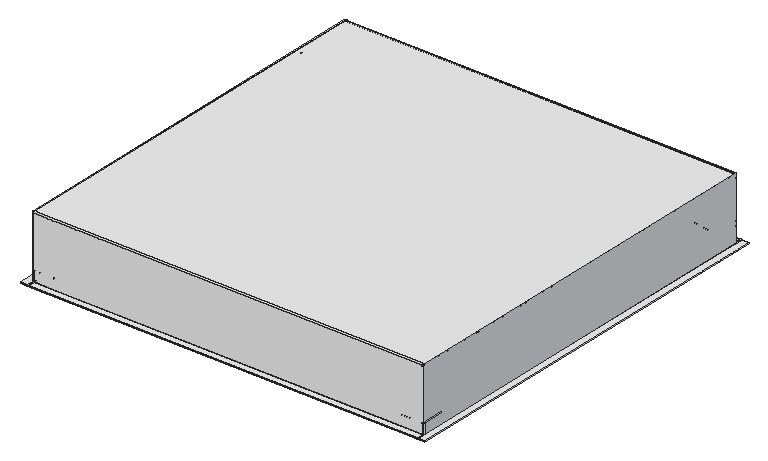
Revit family "CRIG-3558", category Lighting Fixtures, host Ceiling, Revit 2019
Family settings
  Host = Ceiling
  Round Connector Dimension = Use Diameter
  Part Type = Normal
  OmniClass Number = 23.80.70.11
  OmniClass Title = Luminaries for Internal Lighting
  Always vertical = Yes
  Cut with Voids When Loaded = No
  Light Source = Yes
  Shared = No
  Room Calculation Point = No
Parameters (values of type "CRIG-3558-2x2-LED840K52LUNV-P13")
  Width = 1' - 11 3/4"
  Wattage = 48 W
  built-in parameter 1150110 = 1 (stored number, unit not read)
  Voltage = 120 V
  URL = "https://www.viscor.com/en/products/crig-3558"
  built-in parameter 1114217 = 0.9 (stored number, unit not read)
  Tilt Angle = 90.00°
  built-in parameter 1150109 = 1 (stored number, unit not read)
  built-in parameter 1150134 = 12
  built-in parameter 1150113 = 1 (stored number, unit not read)
  Photometric Web File = "CRIG-3558-2x2-LED840K52LUNV-P13.ies"
  Model = "CRIG-3558"  # constant formula
  Manufacturer = "CERTOLUX by VISCOR"  # constant formula
  Lumens = 4992 lm
  built-in parameter 1150115 = 1 (stored number, unit not read)
  built-in parameter 1150105 = 397.25 (stored number, unit not read)
  built-in parameter 1150137 = (empty or 0)
  built-in parameter 1150139 = (empty or 0)
  Lens Finish = Polycarbonate - Viscor - Frosted Flat
  Length = 1' - 11 3/4"
  Lamp Wattage = 48 VA
  built-in parameter 1150112 = 1 (stored number, unit not read)
  built-in parameter 1150114 = 1 (stored number, unit not read)
  Lamp = "LED"  # constant formula
  built-in parameter 1150132 = (empty or 0)
  built-in parameter 1150102 = (empty or 0)
  built-in parameter 1150138 = (empty or 0)
  built-in parameter 1150107 = 4000 (stored number, unit not read)
  built-in parameter 1150106 = 3.9725 (stored number, unit not read)
  Housing Finish = Metal - Viscor - White
  Emit from Rectangle Width = Width  # 1' - 11 3/4"
  Emit from Rectangle Length = Length  # 1' - 11 3/4"
  Emit Shape Visible in Rendering = no
  built-in parameter 1150104 = 9.6619 (stored number, unit not read)
  Dimming Lamp Color Temperature Shift = <None>
  Description = "Recessed Grid Inset Door Cleanroom LED Luminaire"  # constant formula
  Color Filter = 16777215
  built-in parameter 1114218 = 1 (stored number, unit not read)
  built-in parameter 1150133 = 10 (stored number, unit not read)
  Assembly Code = "D5020200"
  Apparent Load = Lamp Wattage  # 48 VA
Types (9): name | Width | Wattage | built-in parameter 1150134 | Photometric Web File | Lumens | built-in parameter 1150105 | Length | Lamp Wattage | built-in parameter 1150107 | built-in parameter 1150106 | Emit from Rectangle Width | Emit from Rectangle Length | built-in parameter 1150104 | Apparent Load
  (no name) | 1' - 11 3/4" | 48 W | 12 | "CRIG-3558-2x2-LED840K52LUNV-P13.ies" | 4992 lm | 397.25 (stored number, unit not read) | 1' - 11 3/4" | 48 VA | 4000 (stored number, unit not read) | 3.9725 (stored number, unit not read) | 1' - 11 3/4" | 1' - 11 3/4" | 9.6619 (stored number, unit not read) | 48 VA
  CRIG-3558-1X4-LED840K52LUNV-P13 | 0' - 11 3/4" | 50 W | 12 | "CRIG-3558-1x4-LED840K52LUNV-P13.ies" | 5200 lm | 413.8 (stored number, unit not read) | 3' - 11 3/4" | 50 VA | 4000 (stored number, unit not read) | 4.138 (stored number, unit not read) | 0' - 11 3/4" | 3' - 11 3/4" | 9.6619 (stored number, unit not read) | 50 VA
  CRIG-3558-2X4-LED840K78LUNV-P13 | 1' - 11 3/4" | 75 W | 12 | "CRIG-3558-2X4-LED840K78LUNV-P13.ies" | 7800 lm | 620.7 (stored number, unit not read) | 3' - 11 3/4" | 75 VA | 4000 (stored number, unit not read) | 6.207 (stored number, unit not read) | 1' - 11 3/4" | 3' - 11 3/4" | 9.6619 (stored number, unit not read) | 75 VA
  CRIG-3558-2X2-LED840K35LUNV-P13 | 1' - 11 3/4" | 32 W | 12 | "CRIG-3558-2x2-LED840K35LUNV-P13.ies" | 3392 lm | 269.93 (stored number, unit not read) | 1' - 11 3/4" | 32 VA | 4000 (stored number, unit not read) | 2.6993 (stored number, unit not read) | 1' - 11 3/4" | 1' - 11 3/4" | 9.8477 (stored number, unit not read) | 32 VA
  CRIG-3558-2X2-LED835K26LUNV-P13 | 1' - 11 3/4" | 27 W | (empty or 0) | "CRIG-3558-2X2-LED835K26LUNV-P13.ies" | 2484 lm | 197.67 (stored number, unit not read) | 1' - 11 3/4" | 27 VA | 3500 (stored number, unit not read) | 1.9767 (stored number, unit not read) | 1' - 11 3/4" | 1' - 11 3/4" | 8.5471 (stored number, unit not read) | 27 VA
  CRIG-3558-2x2-LED840K52LUNV-P13 | 1' - 11 3/4" | 48 W | 12 | "CRIG-3558-2x2-LED840K52LUNV-P13.ies" | 4992 lm | 397.25 (stored number, unit not read) | 1' - 11 3/4" | 48 VA | 4000 (stored number, unit not read) | 3.9725 (stored number, unit not read) | 1' - 11 3/4" | 1' - 11 3/4" | 9.6619 (stored number, unit not read) | 48 VA
  CRIG-3558-2X2-LED840K66LUNV-P56 | 1' - 11 3/4" | 61 W | 12 | "CRIG-3558-2X2-LED840K66LUNV-P56.ies" | 6161 lm | 490.28 (stored number, unit not read) | 1' - 11 3/4" | 61 VA | 4000 (stored number, unit not read) | 4.9028 (stored number, unit not read) | 1' - 11 3/4" | 1' - 11 3/4" | 9.3832 (stored number, unit not read) | 61 VA
  CRIG-3558-2X4-LED840K52LUNV-P13 | 1' - 11 3/4" | 49 W | 12 | "CRIG-3558-2X4-LED840K52LUNV-P13.ies" | 5096 lm | 405.53 (stored number, unit not read) | 3' - 11 3/4" | 49 VA | 4000 (stored number, unit not read) | 4.0553 (stored number, unit not read) | 1' - 11 3/4" | 3' - 11 3/4" | 9.6619 (stored number, unit not read) | 49 VA
  CRIG-3558-2X4-LED840K104LUNV-P82 | 1' - 11 3/4" | 98 W | 12 | "CRIG-3558-2X4-LED840K104LUNV-P82.ies" | 10290 lm | 818.85 (stored number, unit not read) | 3' - 11 3/4" | 98 VA | 4000 (stored number, unit not read) | 8.1885 (stored number, unit not read) | 1' - 11 3/4" | 3' - 11 3/4" | 9.7548 (stored number, unit not read) | 98 VA
Reference planes (in)
  plane 1 "Light Source Axis (F/B)": y = 0
  plane 2 "Ceiling": z = 96
  plane 3 "Light Source Axis (L/R)": x = 0
  plane 4 "Light Source Elevation": z = 95.93
  plane 5 "ExposedFixture": z = 95.97
  plane 6: y = 11.875
  plane 7: x = -11.875
  plane 8: x = 11.875
  plane 9: y = -11.875
  plane 10: y = 11.472
  plane 11: y = -11.472
  plane 12: x = -11.472
  plane 13: x = 11.472
  plane 14: x = -11.44075
  plane 15: x = 11.44075
Forms (in)
  Extrusion 1, solid, material "Metal - Viscor - White" <- "Housing Finish"
    sketch origin (0, 0, 0) x (0, 1, 0) y (0, 0, 1)
      loop
        line (11.4, 99.717) -> (-11.4, 99.717)
        arc (-11.4, 99.717) -> (-11.45303, 99.69503) -> (-11.475, 99.642) r 0.075
        line (-11.475, 99.642) -> (-11.475, 96.03) -> (-11.43984, 96.03) -> (-11.43984, 99.642)
        arc (-11.43984, 99.642) -> (-11.42817, 99.67017) -> (-11.4, 99.68184) r 0.03984
        line (-11.4, 99.68184) -> (11.4, 99.68184)
        arc (11.4, 99.68184) -> (11.42817, 99.67017) -> (11.43984, 99.642) r 0.03984
        line (11.43984, 99.642) -> (11.43984, 96.03) -> (11.475, 96.03) -> (11.475, 99.642)
        arc (11.475, 99.642) -> (11.45303, 99.69503) -> (11.4, 99.717) r 0.075
    from -11.472 to 11.472
  Extrusion 2, solid
    sketch origin (0, 0, 0) x (0, 1, 0) y (0, 0, 1)
      loop
        line (11.4, 99.717) -> (-11.4, 99.717)
        arc (-11.4, 99.717) -> (-11.45303, 99.69503) -> (-11.475, 99.642) r 0.075
        line (-11.475, 99.642) -> (-11.475, 96.03) -> (11.475, 96.03) -> (11.475, 99.642)
        arc (11.475, 99.642) -> (11.45303, 99.69503) -> (11.4, 99.717) r 0.075
    from 11.44075 to 11.472
  Extrusion 3, solid, material "Metal - Viscor - White" <- "Housing Finish"
    sketch origin (0, 0, 0) x (0, 1, 0) y (0, 0, -1)
      loop
        arc (11.4, -99.717) -> (11.45303, -99.69503) -> (11.475, -99.642) r 0.075
        line (11.475, -99.642) -> (11.475, -96.03) -> (-11.475, -96.03) -> (-11.475, -99.642)
        arc (-11.475, -99.642) -> (-11.45303, -99.69503) -> (-11.4, -99.717) r 0.075
        line (-11.4, -99.717) -> (11.4, -99.717)
    from 11.44075 to 11.472
  Extrusion 4, solid, material "Metal - Viscor - White" <- "Housing Finish"
    sketch origin (0, 0, 0) x (0, 1, 0) y (0, 0, 1)
      loop
        line (11.8775, 96.015) -> (11.4715, 96.015)
        arc (11.4715, 96.015) -> (11.44392, 96.02642) -> (11.4325, 96.054) r 0.039
        line (11.4325, 96.054) -> (11.4325, 96.561)
        arc (11.4325, 96.561) -> (11.4079, 96.6204) -> (11.3485, 96.645) r 0.084
        line (11.3485, 96.645) -> (10.2235, 96.645) -> (10.2235, 96.60203) -> (11.3485, 96.60203)
        arc (11.3485, 96.60203) -> (11.37751, 96.59001) -> (11.38953, 96.561) r 0.04103
        line (11.38953, 96.561) -> (11.38953, 96.054)
        arc (11.38953, 96.054) -> (11.41354, 95.99604) -> (11.4715, 95.97203) r 0.08197
        line (11.4715, 95.97203) -> (11.8775, 95.97203) -> (11.8775, 96.015)
    from -11.472 to 11.472
  Extrusion 5, solid, material "Metal - Viscor - White" <- "Housing Finish"
    sketch origin (0, 0, 0) x (0, -1, 0) y (0, 0, -1)
      loop
        line (11.8775, -96.015) -> (11.8775, -95.97203) -> (11.4715, -95.97203)
        arc (11.4715, -95.97203) -> (11.41354, -95.99604) -> (11.38953, -96.054) r 0.08197
        line (11.38953, -96.054) -> (11.38953, -96.561)
        arc (11.38953, -96.561) -> (11.37751, -96.59001) -> (11.3485, -96.60203) r 0.04103
        line (11.3485, -96.60203) -> (10.2235, -96.60203) -> (10.2235, -96.645) -> (11.3485, -96.645)
        arc (11.3485, -96.645) -> (11.4079, -96.6204) -> (11.4325, -96.561) r 0.084
        line (11.4325, -96.561) -> (11.4325, -96.054)
        arc (11.4325, -96.054) -> (11.44392, -96.02642) -> (11.4715, -96.015) r 0.039
        line (11.4715, -96.015) -> (11.8775, -96.015)
    from -11.472 to 11.472
  Extrusion 6, solid, material "Metal - Viscor - White" <- "Housing Finish"
    sketch origin (0, 0, 0) x (1, 0, 0) y (0, 0, 1)
      loop
        arc (-11.469, 95.97195) -> (-11.41104, 95.99596) -> (-11.38703, 96.05392) r 0.08197
        line (-11.38703, 96.05392) -> (-11.38703, 96.56092)
        arc (-11.38703, 96.56092) -> (-11.37501, 96.58994) -> (-11.346, 96.60195) r 0.04103
        line (-11.346, 96.60195) -> (-10.221, 96.60195) -> (-10.221, 96.64492) -> (-11.346, 96.64492)
        arc (-11.346, 96.64492) -> (-11.4054, 96.62032) -> (-11.43, 96.56092) r 0.084
        line (-11.43, 96.56092) -> (-11.43, 96.05392)
        arc (-11.43, 96.05392) -> (-11.44142, 96.02634) -> (-11.469, 96.01492) r 0.039
        line (-11.469, 96.01492) -> (-11.875, 96.01492) -> (-11.875, 95.97195) -> (-11.469, 95.97195)
    from -11.875 to 11.875
  Extrusion 7, solid, material "Metal - Viscor - White" <- "Housing Finish"
    sketch origin (0, 0, 0) x (-1, 0, 0) y (0, 0, -1)
      loop
        line (-11.469, -95.97195) -> (-11.875, -95.97195) -> (-11.875, -96.01492) -> (-11.469, -96.01492)
        arc (-11.469, -96.01492) -> (-11.44142, -96.02634) -> (-11.43, -96.05392) r 0.039
        line (-11.43, -96.05392) -> (-11.43, -96.56092)
        arc (-11.43, -96.56092) -> (-11.4054, -96.62032) -> (-11.346, -96.64492) r 0.084
        line (-11.346, -96.64492) -> (-10.221, -96.64492) -> (-10.221, -96.60195) -> (-11.346, -96.60195)
        arc (-11.346, -96.60195) -> (-11.37501, -96.58994) -> (-11.38703, -96.56092) r 0.04103
        line (-11.38703, -96.56092) -> (-11.38703, -96.05392)
        arc (-11.38703, -96.05392) -> (-11.41104, -95.99596) -> (-11.469, -95.97195) r 0.08197
    from -11.875 to 11.875
  Extrusion 8, void
    sketch origin (-11.346, 0, 96.64492) x (0, 1, 0) y (1, 0, 0)
      loop
        line (-26.6275, -0.126) -> (-11.475, -0.126) -> (-11.475, 1.125) -> (-26.6275, 1.125) -> (-26.6275, -0.126)
    from 0 to 0.62992
  Extrusion 9, void
    sketch origin (-11.346, 0, 96.64492) x (0, 1, 0) y (1, 0, 0)
      loop
        line (11.48676, 1.125) -> (11.48676, -0.084) -> (22.6275, -0.084) -> (22.6275, 1.125) -> (11.48676, 1.125)
    from 0 to 0.62992
  Extrusion 10, void
    sketch origin (-11.346, 0, 96.64492) x (0, 1, 0) y (1, 0, 0)
      loop
        line (26.74557, 20.26218) -> (26.74557, 22.818) -> (11.475, 22.818) -> (11.475, 20.26218) -> (26.74557, 20.26218)
    from 0 to 0.61492
  Extrusion 11, void
    sketch origin (-11.346, 0, 96.64492) x (0, 1, 0) y (1, 0, 0)
      loop
        line (-22.8775, 21.567) -> (-11.475, 21.567) -> (-11.475, 22.818) -> (-22.8775, 22.818) -> (-22.8775, 21.567)
    from 0 to 0.62992
  Extrusion 12, solid, material "Metal - Viscor - White" <- "Housing Finish"
    sketch origin (0, 0, 96) x (1, 0, 0) y (0, 1, 0)
      loop
        line (-11.43294, -11.43594) -> (11.40169, -11.43594) -> (11.40169, 11.43594) -> (-11.43294, 11.43594) -> (-11.43294, -11.43594)
      loop
        line (-10.18294, -10.18594) -> (10.15169, -10.18594) -> (10.15169, 10.18594) -> (-10.18294, 10.18594) -> (-10.18294, -10.18594)
    from 0 to 0.044
  Extrusion 13, solid, material "Polycarbonate - Viscor - Frosted Flat" <- "Lens Finish"
    sketch origin (0, 0, 0) x (0, 1, 0) y (0, 0, 1)
      loop
        line (10.125, 96.155) -> (-10.125, 96.155) -> (-10.125, 96.03) -> (10.125, 96.03) -> (10.125, 96.155)
    from -11.44075 to 11.44075
  Extrusion 14, solid, material "Metal - Viscor - White" <- "Housing Finish"
    sketch origin (0, 0, 0) x (0, 1, 0) y (0, 0, 1)
      loop
        arc (8.05, 98.895) -> (8.10303, 98.91697) -> (8.125, 98.97) r 0.075
        line (8.125, 98.97) -> (8.125, 99.445)
        arc (8.125, 99.445) -> (8.10303, 99.49803) -> (8.05, 99.52) r 0.075
        line (8.05, 99.52) -> (7.625, 99.52) -> (7.625, 99.48875) -> (8.05, 99.48875)
        arc (8.05, 99.48875) -> (8.08094, 99.47594) -> (8.09375, 99.445) r 0.04375
        line (8.09375, 99.445) -> (8.09375, 98.97)
        arc (8.09375, 98.97) -> (8.08094, 98.93906) -> (8.05, 98.92625) r 0.04375
        line (8.05, 98.92625) -> (-8.05, 98.92625)
        arc (-8.05, 98.92625) -> (-8.08094, 98.93906) -> (-8.09375, 98.97) r 0.04375
        line (-8.09375, 98.97) -> (-8.09375, 99.445)
        arc (-8.09375, 99.445) -> (-8.08094, 99.47594) -> (-8.05, 99.48875) r 0.04375
        line (-8.05, 99.48875) -> (-7.625, 99.48875) -> (-7.625, 99.52) -> (-8.05, 99.52)
        arc (-8.05, 99.52) -> (-8.10303, 99.49803) -> (-8.125, 99.445) r 0.075
        line (-8.125, 99.445) -> (-8.125, 98.97)
        arc (-8.125, 98.97) -> (-8.10303, 98.91697) -> (-8.05, 98.895) r 0.075
        line (-8.05, 98.895) -> (8.05, 98.895)
    from -11.44075 to 11.44075
  Extrusion 15, solid, material "Metal - Viscor - White" <- "Housing Finish"
    sketch origin (0, 0, 0) x (0, 1, 0) y (0, 0, 1)
      loop
        line (7.3125, 98.895) -> (7.3125, 98.86375) -> (7.92613, 98.86375) -> (9.41283, 97.61626) -> (9.89094, 96.78815)
        arc (9.89094, 96.78815) -> (9.93359, 96.75542) -> (9.9869, 96.76244) r 0.07025
        line (9.9869, 96.76244) -> (10.16963, 96.86794) -> (10.15401, 96.895) -> (9.97127, 96.7895)
        arc (9.97127, 96.7895) -> (9.94168, 96.7856) -> (9.918, 96.80377) r 0.039
        line (9.918, 96.80377) -> (9.43714, 97.63666) -> (7.9375, 98.895) -> (7.3125, 98.895)
    from -11.44075 to 11.44075
  Extrusion 16, solid, material "Metal - Viscor - White" <- "Housing Finish"
    sketch origin (0, 0, 0) x (0, -1, 0) y (0, 0, -1)
      loop
        line (7.3125, -98.895) -> (7.9375, -98.895) -> (9.43714, -97.63666) -> (9.918, -96.80377)
        arc (9.918, -96.80377) -> (9.94168, -96.7856) -> (9.97127, -96.7895) r 0.039
        line (9.97127, -96.7895) -> (10.15401, -96.895) -> (10.16963, -96.86794) -> (9.9869, -96.76244)
        arc (9.9869, -96.76244) -> (9.93359, -96.75542) -> (9.89094, -96.78815) r 0.07025
        line (9.89094, -96.78815) -> (9.41283, -97.61626) -> (7.92613, -98.86375) -> (7.3125, -98.86375) -> (7.3125, -98.895)
    from -11.44075 to 11.44075
  Extrusion 17, void
    sketch origin (0, 0, 0) x (1, 0, 0) y (0, 1, 0)
      loop
        line (11.875, -11.875) -> (11.875, 11.875) -> (-11.875, 11.875) -> (-11.875, -11.875) -> (11.875, -11.875)
    from 94.83485 to 96.56092
Cuts and joins
  Extrusion 8, Extrusion 10, Extrusion 11 cuts Extrusion 1
  Extrusion 8 cuts Extrusion 3
  Extrusion 8, Extrusion 9 cuts Extrusion 6
  Extrusion 9, Extrusion 10 cuts Extrusion 4
  Extrusion 10, Extrusion 11 cuts Extrusion 2
  Extrusion 10, Extrusion 11 cuts Extrusion 7
  Extrusion 11 cuts Extrusion 5
Lines and regions (in)
  model lines
    curve 1: line (-11.875, 0, 96.01492) -> (-11.875, 0, 95.97195)
    curve 2: line (-11.469, 0, 96.01492) -> (-11.875, 0, 96.01492)
    curve 3: line (-11.43, 0, 96.56092) -> (-11.43, 0, 96.05392)
    curve 4: arc (-11.469, 0, 96.01492) -> (-11.44142, 0, 96.02634) -> (-11.43, 0, 96.05392) r 0.039
    curve 5: arc (-11.346, 0, 96.64492) -> (-11.4054, 0, 96.62032) -> (-11.43, 0, 96.56092) r 0.084
    curve 6: line (-11.346, 0, 96.64492) -> (-10.221, 0, 96.64492)
    curve 7: line (-11.469, 0, 95.97195) -> (-11.875, 0, 95.97195)
    curve 8: arc (-11.469, 0, 95.97195) -> (-11.41104, 0, 95.99596) -> (-11.38703, 0, 96.05392) r 0.08197
    curve 9: line (-11.38703, 0, 96.56092) -> (-11.38703, 0, 96.05392)
    curve 10: arc (-11.346, 0, 96.60195) -> (-11.37501, 0, 96.58994) -> (-11.38703, 0, 96.56092) r 0.04103
    curve 11: line (-11.346, 0, 96.60195) -> (-10.221, 0, 96.60195)
    curve 12: line (-10.221, 0, 96.64492) -> (-10.221, 0, 96.60195)
Dimensions and locks (in)
  equal spacing: host sketch curve, plane 3 "Light Source Axis (L/R)", host sketch curve
  equal spacing: host sketch curve, plane 1 "Light Source Axis (F/B)", host sketch curve
  host sketch curve to host sketch curve = 10' - 0"  (x2)
  locked: plane 5 "ExposedFixture" to plane 2 "Ceiling" at 0.03
  equal spacing: plane 6, plane 1 "Light Source Axis (F/B)", plane 9
  "Width": plane 6 to plane 9
  equal spacing: plane 7, plane 3 "Light Source Axis (L/R)", plane 8
  "Length": plane 7 to plane 8
  locked: plane 12 to plane 7 at 0.403
  locked: plane 13 to plane 8 at 0.403
  locked: plane 10 to plane 6 at 0.403
  plane 9 to plane 11 to plane 1 "Light Source Axis (F/B)" = 0' - 0.403" locked, 0' - 11.472"
  locked: plane 14 to plane 12 at 0.03125
  locked: plane 15 to plane 13 at 0.03125
  cut or joined group of Extrusion 6, Extrusion 8, Extrusion 9 to plane 3 "Light Source Axis (L/R)" = 0' - 11.38703"  (x2)
  cut or joined group of Extrusion 7, Extrusion 10, Extrusion 11 to Extrusion 12 = 1' - 9.56997"
  plane 13 to plane 3 "Light Source Axis (L/R)" = 0' - 11.472"
  aligned and locked: plane 3 "Light Source Axis (L/R)" to imposter light
  aligned and locked: plane 1 "Light Source Axis (F/B)" to imposter light
  aligned and locked: plane 4 "Light Source Elevation" to imposter light
  aligned and locked: Extrusion 1 to plane 12
  aligned and locked: plane 13 to Extrusion 1
  aligned and locked: plane 13 to Extrusion 2
  aligned and locked: Extrusion 2 to plane 15
  aligned and locked: Extrusion 3 to plane 12
  aligned and locked: plane 14 to Extrusion 3
  aligned and locked: Extrusion 4 to plane 12
  aligned and locked: plane 13 to Extrusion 4
  aligned and locked: Extrusion 5 to plane 12
  aligned and locked: plane 13 to Extrusion 5
  aligned and locked: plane 6 to Extrusion 6
  aligned and locked: Extrusion 6 to plane 9
  aligned and locked: plane 6 to Extrusion 7
  aligned and locked: Extrusion 7 to plane 9
  aligned and locked: Extrusion 10 to Extrusion 2
  aligned and locked: Extrusion 5 to Extrusion 11
  aligned and locked: Extrusion 13 to plane 14
  aligned and locked: plane 15 to Extrusion 13
  aligned and locked: Extrusion 14 to plane 14
  aligned and locked: plane 15 to Extrusion 14
  aligned and locked: Extrusion 15 to plane 14
  aligned and locked: plane 15 to Extrusion 15
  aligned and locked: plane 15 to Extrusion 16
  aligned and locked: Extrusion 16 to plane 14
  aligned and locked: Extrusion 17 to plane 7
  aligned and locked: plane 8 to Extrusion 17
  aligned and locked: Extrusion 17 to plane 9
  aligned and locked: plane 6 to Extrusion 17
Automatic sketch dimensions
  Extrusion 1 sketch curve to Extrusion 1 sketch curve = 0' - 0"  (x4)
  Extrusion 1 sketch curve to plane 11 = 0' - 0.003"
  plane 11 to Extrusion 1 sketch curve = 0' - 0.03216"
  plane 11 to Extrusion 1 sketch curve = 0' - 0.072"
  Extrusion 1 sketch curve to plane 10 = 0' - 0.072"
  Extrusion 1 sketch curve to plane 10 = 0' - 0.03216"
  plane 2 "Ceiling" to Extrusion 1 sketch curve = 0' - 0.03"  (x2)
  Extrusion 1 sketch curve to Extrusion 1 sketch curve = 0' - 3.612"
  Extrusion 2 sketch curve to plane 11 = 0' - 0.003"
  plane 11 to Extrusion 2 sketch curve = 0' - 0.072"
  Extrusion 2 sketch curve to plane 10 = 0' - 0.072"
  plane 10 to Extrusion 2 sketch curve = 0' - 0.003"
  plane 2 "Ceiling" to Extrusion 2 sketch curve = 0' - 0.03"
  Extrusion 2 sketch curve to Extrusion 2 sketch curve = 0' - 3.612"
  Extrusion 3 sketch curve to plane 11 = 0' - 0.003"
  plane 11 to Extrusion 3 sketch curve = 0' - 0.072"
  Extrusion 3 sketch curve to plane 10 = 0' - 0.072"
  plane 10 to Extrusion 3 sketch curve = 0' - 0.003"
  plane 2 "Ceiling" to Extrusion 3 sketch curve = 0' - 3.717"
  plane 2 "Ceiling" to Extrusion 3 sketch curve = 0' - 0.03"
  Extrusion 4 sketch curve to Extrusion 4 sketch curve = 0' - 0"  (x4)
  Extrusion 4 sketch curve to plane 10 = 0' - 1.2485"
  Extrusion 4 sketch curve to plane 10 = 0' - 0.1235"
  Extrusion 4 sketch curve to Extrusion 4 sketch curve = 0' - 0.04103"
  Extrusion 4 sketch curve to plane 10 = 0' - 0.0395"
  Extrusion 4 sketch curve to plane 10 = 0' - 0.0005"
  plane 6 to Extrusion 4 sketch curve = 0' - 0.0025"
  plane 5 "ExposedFixture" to Extrusion 4 sketch curve = 0' - 0.00203"
  Extrusion 4 sketch curve to Extrusion 4 sketch curve = 0' - 0.507"
  Extrusion 5 sketch curve to Extrusion 5 sketch curve = 0' - 0"  (x4)
  Extrusion 5 sketch curve to plane 11 = 0' - 1.2485"
  Extrusion 5 sketch curve to plane 11 = 0' - 0.1235"
  Extrusion 5 sketch curve to Extrusion 5 sketch curve = 0' - 0.04103"
  Extrusion 5 sketch curve to plane 11 = 0' - 0.0395"
  Extrusion 5 sketch curve to plane 11 = 0' - 0.0005"
  plane 9 to Extrusion 5 sketch curve = 0' - 0.0025"
  Extrusion 5 sketch curve to plane 5 "ExposedFixture" = 0' - 0.00203"
  Extrusion 5 sketch curve to Extrusion 5 sketch curve = 0' - 0.507"
  curve 4 to curve 8 = 0' - 0"  (x2)
  curve 5 to curve 10 = 0' - 0"  (x2)
  curve 1 to plane 7 = 0' - 0"
  plane 12 to curve 8 = 0' - 0.003"
  plane 14 to curve 3 = 0' - 0.01075"
  curve 3 to curve 9 = 0' - 0 11/256"
  curve 9 to curve 6 = 0' - 0.04103"
  curve 10 to curve 11 = 0' - 1 1/8"
  plane 5 "ExposedFixture" to curve 1 = 0' - 0.00195"
  curve 8 to curve 10 = 0' - 0.507"
  Extrusion 6 sketch curve to Extrusion 6 sketch curve = 0' - 0"  (x4)
  Extrusion 6 sketch curve to plane 7 = 0' - 0"
  plane 12 to Extrusion 6 sketch curve = 0' - 0.003"
  plane 14 to Extrusion 6 sketch curve = 0' - 0.01075"
  Extrusion 6 sketch curve to Extrusion 6 sketch curve = 0' - 0 11/256"
  Extrusion 6 sketch curve to Extrusion 6 sketch curve = 0' - 0.04103"
  Extrusion 6 sketch curve to Extrusion 6 sketch curve = 0' - 1 1/8"
  plane 5 "ExposedFixture" to Extrusion 6 sketch curve = 0' - 0.00195"
  Extrusion 6 sketch curve to Extrusion 6 sketch curve = 0' - 0.507"
  Extrusion 7 sketch curve to Extrusion 7 sketch curve = 0' - 0"  (x4)
  Extrusion 7 sketch curve to plane 8 = 0' - 0"
  plane 13 to Extrusion 7 sketch curve = 0' - 0.003"
  plane 15 to Extrusion 7 sketch curve = 0' - 0.01075"
  Extrusion 7 sketch curve to Extrusion 7 sketch curve = 0' - 0 11/256"
  Extrusion 7 sketch curve to Extrusion 7 sketch curve = 0' - 0.04103"
  Extrusion 7 sketch curve to Extrusion 7 sketch curve = 0' - 1 1/8"
  Extrusion 7 sketch curve to plane 5 "ExposedFixture" = 0' - 0.00195"
  Extrusion 7 sketch curve to Extrusion 7 sketch curve = 0' - 0.507"
  Extrusion 8 sketch curve to Extrusion 6 = 0' - 0"
  Extrusion 8 sketch curve to Extrusion 6 = 1' - 2.7525"
  Extrusion 6 to Extrusion 8 sketch curve = 0' - 0.4"
  Extrusion 6 to Extrusion 8 sketch curve = 0' - 0.126"
  Extrusion 9 sketch curve to Extrusion 6 = 0' - 0"
  Extrusion 6 to Extrusion 9 sketch curve = 0' - 0.084"
  Extrusion 6 to Extrusion 9 sketch curve = 0' - 0.38824"
  Extrusion 9 sketch curve to Extrusion 6 = 0' - 10.7525"
  Extrusion 6 to Extrusion 10 sketch curve = 0' - 0.4"
  Extrusion 10 sketch curve to Extrusion 6 = 1' - 2.87057"
  Extrusion 10 sketch curve to Extrusion 6 = 1' - 9.693"
  Extrusion 10 sketch curve to Extrusion 10 sketch curve = 0' - 2.55582"
  Extrusion 11 sketch curve to Extrusion 6 = 0' - 11.0025"
  Extrusion 6 to Extrusion 11 sketch curve = 0' - 0.4"
  Extrusion 11 sketch curve to Extrusion 6 = 1' - 9.693"
  Extrusion 11 sketch curve to Extrusion 11 sketch curve = 0' - 1.251"
  plane 14 to Extrusion 12 sketch curve = 0' - 0 1/128"
  plane 14 to Extrusion 12 sketch curve = 0' - 1 33/128"
  Extrusion 12 sketch curve to plane 15 = 0' - 1 37/128"
  Extrusion 12 sketch curve to plane 15 = 0' - 0 5/128"
  plane 11 to Extrusion 12 sketch curve = 0' - 0.03606"
  plane 11 to Extrusion 12 sketch curve = 0' - 1.28606"
  Extrusion 12 sketch curve to plane 10 = 0' - 1.28606"
  Extrusion 12 sketch curve to plane 10 = 0' - 0.03606"
  plane 2 "Ceiling" to Extrusion 13 sketch curve = 0' - 0.155"
  plane 11 to Extrusion 13 sketch curve = 0' - 1.347"
  plane 2 "Ceiling" to Extrusion 13 sketch curve = 0' - 0.03"
  Extrusion 13 sketch curve to plane 10 = 0' - 1.347"
  Extrusion 14 sketch curve to Extrusion 14 sketch curve = 0' - 0"  (x8)
  plane 11 to Extrusion 14 sketch curve = 0' - 3.347"
  Extrusion 14 sketch curve to Extrusion 14 sketch curve = 0' - 0 1/32"
  Extrusion 14 sketch curve to Extrusion 14 sketch curve = 0' - 0.04375"  (x3)
  Extrusion 14 sketch curve to Extrusion 14 sketch curve = 0' - 0.425"  (x3)
  Extrusion 14 sketch curve to plane 10 = 0' - 3.847"
  plane 2 "Ceiling" to Extrusion 14 sketch curve = 0' - 2.895"
  Extrusion 14 sketch curve to Extrusion 14 sketch curve = 0' - 0.475"  (x2)
  Extrusion 15 sketch curve to Extrusion 15 sketch curve = 0' - 0"  (x2)
  Extrusion 15 sketch curve to plane 10 = 0' - 4.1595"
  Extrusion 15 sketch curve to Extrusion 15 sketch curve = 0' - 0.61363"
  Extrusion 15 sketch curve to Extrusion 15 sketch curve = 0' - 0.01137"
  Extrusion 15 sketch curve to Extrusion 15 sketch curve = 0' - 1.4867"
  Extrusion 15 sketch curve to Extrusion 15 sketch curve = 0' - 0.02431"
  plane 2 "Ceiling" to Extrusion 15 sketch curve = 0' - 0.78815"
  Extrusion 15 sketch curve to Extrusion 15 sketch curve = 0' - 0.47811"
  Extrusion 15 sketch curve to Extrusion 15 sketch curve = 0' - 0.02706"
  Extrusion 15 sketch curve to Extrusion 15 sketch curve = 0' - 0.03377"
  plane 2 "Ceiling" to Extrusion 15 sketch curve = 0' - 0.7895"
  Extrusion 15 sketch curve to Extrusion 15 sketch curve = 0' - 0.0195"
  plane 2 "Ceiling" to Extrusion 15 sketch curve = 0' - 0.76244"
  Extrusion 15 sketch curve to Extrusion 15 sketch curve = 0' - 0 1/64"
  Extrusion 15 sketch curve to Extrusion 15 sketch curve = 0' - 0.18273"
  plane 2 "Ceiling" to Extrusion 15 sketch curve = 0' - 0.86794"
  Extrusion 15 sketch curve to Extrusion 15 sketch curve = 0' - 0 53/64"
  Extrusion 15 sketch curve to Extrusion 15 sketch curve = 0' - 0.0204"
  Extrusion 15 sketch curve to Extrusion 15 sketch curve = 0' - 1.24749"
  Extrusion 15 sketch curve to Extrusion 15 sketch curve = 0' - 0 1/32"
  Extrusion 16 sketch curve to Extrusion 16 sketch curve = 0' - 0"  (x2)
  Extrusion 16 sketch curve to plane 11 = 0' - 4.1595"
  Extrusion 16 sketch curve to Extrusion 16 sketch curve = 0' - 0.61363"
  Extrusion 16 sketch curve to Extrusion 16 sketch curve = 0' - 0.01137"
  Extrusion 16 sketch curve to Extrusion 16 sketch curve = 0' - 1.4867"
  Extrusion 16 sketch curve to Extrusion 16 sketch curve = 0' - 0.02431"
  Extrusion 16 sketch curve to plane 2 "Ceiling" = 0' - 0.78815"
  Extrusion 16 sketch curve to Extrusion 16 sketch curve = 0' - 0.47811"
  Extrusion 16 sketch curve to Extrusion 16 sketch curve = 0' - 0.02706"
  Extrusion 16 sketch curve to Extrusion 16 sketch curve = 0' - 0.03377"
  Extrusion 16 sketch curve to plane 2 "Ceiling" = 0' - 0.7895"
  Extrusion 16 sketch curve to Extrusion 16 sketch curve = 0' - 0.0195"
  Extrusion 16 sketch curve to plane 2 "Ceiling" = 0' - 0.76244"
  Extrusion 16 sketch curve to Extrusion 16 sketch curve = 0' - 0 1/64"
  Extrusion 16 sketch curve to Extrusion 16 sketch curve = 0' - 0.18273"
  Extrusion 16 sketch curve to plane 2 "Ceiling" = 0' - 0.86794"
  Extrusion 16 sketch curve to Extrusion 16 sketch curve = 0' - 0 53/64"
  Extrusion 16 sketch curve to Extrusion 16 sketch curve = 0' - 0.0204"
  Extrusion 16 sketch curve to Extrusion 16 sketch curve = 0' - 1.24749"
  Extrusion 16 sketch curve to Extrusion 16 sketch curve = 0' - 0 1/32"
  Extrusion 17 sketch curve to plane 7 = 0' - 0"
  plane 7 to Extrusion 17 sketch curve = 1' - 11 3/4"
  Extrusion 17 sketch curve to plane 9 = 0' - 0"
  Extrusion 17 sketch curve to Extrusion 17 sketch curve = 1' - 11 3/4"
Connectors (in)
  electrical at (0, 0, 95.97), driven by "Voltage", driven by "Lamp Wattage"
    settings: index 1, voltage 120 V, apparent load 0 VA, apparent load phase1 48 VA, apparent load phase2 0 VA, apparent load phase3 0 VA, power factor 1, load classification "Other", number of poles 1, system type 31, power factor state 1, is connector primary yes, connector utility no, sub classification motor no, connector description ""
